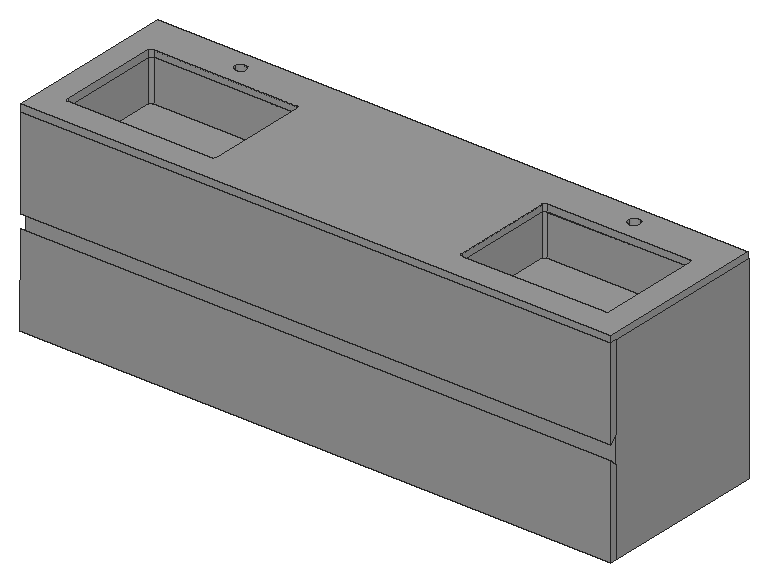
Revit family "MUEBLE RAIN BAJO CUBIERTA 1800 KART OAK DOBLE", category Plumbing Fixtures, Revit 2019
Family settings
  Round Connector Dimension = Use Diameter
  Part Type = Normal
  OmniClass Number = 23.45.00.00
  OmniClass Title = Sanitary, Laundry, and Cleaning Equipment
  Work Plane-Based = No
  Always vertical = Yes
  Cut with Voids When Loaded = No
  Shared = No
  Room Calculation Point = No
Reference planes
  plane 1 "Center (Front/Back)": y = 0
  plane 2: z = 0
  plane 3 "Center (Left/Right)": x = 0
Forms (mm)
  Extrusion 1, solid
    sketch origin (0, 0, 0) x (1, 0, 0) y (0, 1, 0)
      loop
        line (0, 20) -> (1800, 20) -> (1800, 525) -> (0, 525) -> (0, 20)
    from 0 to 600
  Extrusion 2, solid
    sketch origin (0, 0, 0) x (1, 0, 0) y (0, 1, 0)
      loop
        line (0, 525) -> (0, 0) -> (1800, 0) -> (1800, 525) -> (0, 525)
    from 600 to 620
  Extrusion 3, void
    sketch origin (-50, 0, 0) x (1, 0, 0) y (0, 1, 0)
      loop
        line (123, 395) -> (123, 90)
        arc (123, 90) -> (125.929, 82.929) -> (133, 80) r 10
        line (133, 80) -> (567, 80)
        arc (567, 80) -> (574.071, 82.929) -> (577, 90) r 10
        line (577, 90) -> (577, 395)
        arc (577, 395) -> (574.071, 402.071) -> (567, 405) r 10
        line (567, 405) -> (133, 405)
        arc (133, 405) -> (125.929, 402.071) -> (123, 395) r 10
    from 473.26 to 620
  Extrusion 4, void
    sketch origin (-50, 0, 0) x (1, 0, 0) y (0, 1, 0)
      loop
        circle (350, 465) r 17.5
    from 411.818 to 620
  Extrusion 5, solid
    sketch origin (0, 0, 0) x (0, 1, 0) y (0, 0, 1)
      loop
        line (20, 341.101) -> (20, 600) -> (0, 600) -> (0, 321.101) -> (20, 341.101)
      loop
        line (20, 259) -> (0, 279) -> (0, 0) -> (20, 0) -> (20, 259)
    from 0 to 1800
  Extrusion 6, void
    sketch origin (1850, 0, 0) x (-1, 0, 0) y (0, -1, 0)
      loop
        arc (123, -395) -> (125.929, -402.071) -> (133, -405) r 10
        line (133, -405) -> (567, -405)
        arc (567, -405) -> (574.071, -402.071) -> (577, -395) r 10
        line (577, -395) -> (577, -90)
        arc (577, -90) -> (574.071, -82.929) -> (567, -80) r 10
        line (567, -80) -> (133, -80)
        arc (133, -80) -> (125.929, -82.929) -> (123, -90) r 10
        line (123, -90) -> (123, -395)
    from 473.26 to 620
  Extrusion 7, void
    sketch origin (1850, 0, 0) x (-1, 0, 0) y (0, -1, 0)
      loop
        circle (350, -465) r 17.5
    from 411.818 to 620
Cuts and joins
  Extrusion 3, Extrusion 4, Extrusion 6, Extrusion 7 cuts Extrusion 1
  Extrusion 3, Extrusion 4, Extrusion 6, Extrusion 7 cuts Extrusion 2
Dimensions and locks
  aligned and locked: level to plane 2
